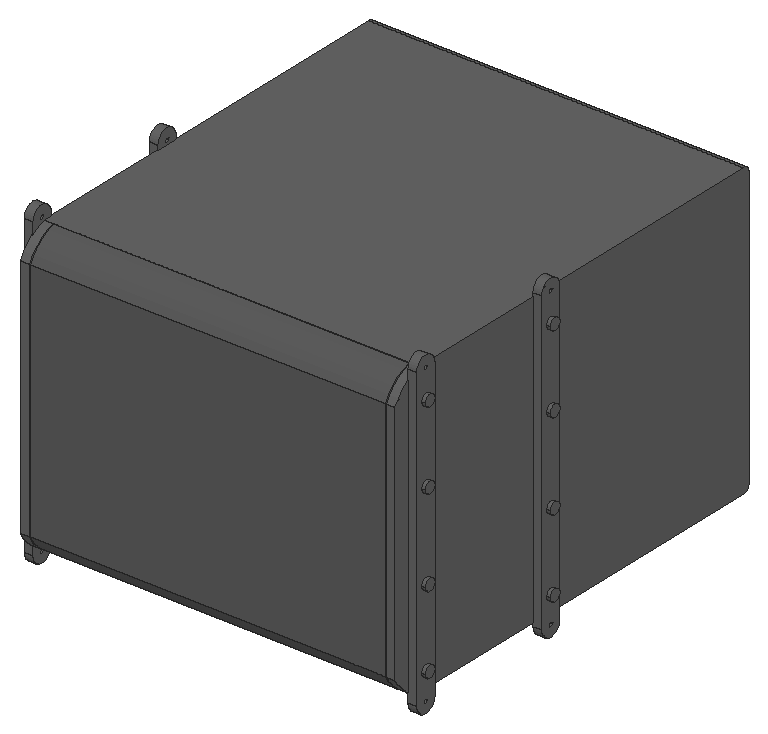
Revit family "WL118-sw", category Communication Devices, Revit 2012
Parameters
  Width = Overall Width  # 27.6"
  Weight Product (lb) = 111
  Weight Product (kg) = 50.4
  Weight Dimensional (lb) = 121
  Weight Dimensional (kg) = 55
  URL = "http://www.qscaudio.com/products/speakers/ila/"
  Sensitivity = 98
  SPL Max = 128.5
  Regulatory Compliance = "RoHS"
  Rear Rig Bar Center Offset = 12.616"
  Rear Handle Offset = 23.603"
  Product Page URL = "http://www.qscaudio.com/products/speakers/ila/"
  Product Documentation Link = "http://media.qscaudio.com/pdfs/Specifications/ILAv2_spec.pdf"
  Power Handling = 1750
  Overall Height = 22.1"
  Overall Depth = 30.375"
  Model = "WL118-sw"
  Manufacturer URL = "www.qscaudio.com"
  Manufacturer = "QSC Audio Products, LLC"
  Impedance = 8
  Height = Overall Height  # 22.1"
  Grill Width = 24.484"
  Grille Material = Black Grille
  Grill Depth = 2.05"
  Front Rig Bar Center Offset = 1.866"
  Front Handle Offset = 7.678"
  Enclosure with Rig Bar Width = 27"
  Overall Width = 27.6"
  Inner Enclosure Width = 25.8"
  Inner Enclosure Height = 20.1"
  Enclosure Material = Black Finish
  Description = "Vented 18\" Subwoofer"
  Depth = Overall Depth  # 30.375"
  Default Elevation = 48"
Reference planes (in)
  plane 1 "Center (Front/Back)": y = 0
  plane 2: z = 0
  plane 3 "Center (Left/Right)": x = 0
  plane 4 "Enclosure Right Extent": x = 12.9
  plane 5 "Enclosure Left Extent": x = -12.9
  plane 6 "Rig Bar Right Extent": x = 13.5
  plane 7 "Rig Bar Left Exent": x = -13.5
  plane 8 "Rig Peg Left Extent": x = -13.8
  plane 9 "Rig Peg Right Extent": x = 13.8
  plane 10 "Enclosure Rear Extent": y = 30.375
  plane 11 "Rear Rig Bar Center Plane": y = 12.616
  plane 12 "Front Rig Bar Center Plane": y = 1.866
  plane 13 "Grill Rear Extent": y = 2.05
  plane 14 "Enclosure Top": z = 10.05
  plane 15 "Enclosure Bottom": z = -10.05
  plane 16 "Rig Bar Top": z = 11.05
  plane 17 "Rig Bar Bottom": z = -11.05
  plane 18 "Grill Right Extent": x = 12.242
  plane 19 "Grill Left Extent": x = -12.242
Forms (in)
  Extrusion 1, solid, material "Black Finish" <- "Enclosure Material"
    sketch origin (-12.9, 0, 0) x (0, -1, 0) y (0, 0, -1)
      loop
        line (-30, -10.05) -> (-2.05, -10.05)
        arc (-2.05, -10.05) -> (-0.84443, -9.44547) -> (0, -8.3939) r 3.165
        arc (0, -8.3939) -> (-0.17655, 0.00005) -> (0, 8.394) r 199.635
        arc (0, 8.394) -> (-0.84445, 9.44551) -> (-2.05, 10.05) r 3.165
        line (-2.05, 10.05) -> (-30, 10.05)
        arc (-30, 10.05) -> (-30.26517, 9.94017) -> (-30.375, 9.675) r 0.375
        line (-30.375, 9.675) -> (-30.375, -9.675)
        arc (-30.375, -9.675) -> (-30.26517, -9.94017) -> (-30, -10.05) r 0.375
    from 0 to 25.8 <- "Inner Enclosure Width"
  Extrusion 2, solid, material "Black Finish" <- "Enclosure Material"
    sketch origin (-13.5, 0, 0) x (0, -1, 0) y (0, 0, -1)
      loop
        arc (-13.366, -10.3) -> (-12.616, -11.05) -> (-11.866, -10.3) r 0.75
        line (-11.866, -10.3) -> (-11.866, 10.3)
        arc (-11.866, 10.3) -> (-12.616, 11.05) -> (-13.366, 10.3) r 0.75
        line (-13.366, 10.3) -> (-13.366, -10.3)
      loop
        circle (-12.616, -10.3) r 0.165
      loop
        circle (-12.616, 10.3) r 0.165
    from 0 to 27 <- "Enclosure with Rig Bar Width"
  Extrusion 3, void
    sketch origin (-12.9, 0, 0) x (0, -1, 0) y (0, 0, -1)
      loop
        line (-13.366, -11.05) -> (-11.866, -11.05) -> (-11.866, 11.05) -> (-13.366, 11.05) -> (-13.366, -11.05)
    from 0 to 25.8 <- "Inner Enclosure Width"
  Extrusion 4, solid, material "Black Finish" <- "Enclosure Material"
    sketch origin (-13.5, -10, 0) x (0, -1, 0) y (0, 0, -1)
      loop
        arc (-12.616, -10.3) -> (-11.866, -11.05) -> (-11.116, -10.3) r 0.75
        line (-11.116, -10.3) -> (-11.116, 10.3)
        arc (-11.116, 10.3) -> (-11.866, 11.05) -> (-12.616, 10.3) r 0.75
        line (-12.616, 10.3) -> (-12.616, -10.3)
      loop
        circle (-11.866, -10.3) r 0.165
      loop
        circle (-11.866, 10.3) r 0.165
    from 0 to 27 <- "Enclosure with Rig Bar Width"
  Extrusion 5, void
    sketch origin (-12.9, -10, 0) x (0, -1, 0) y (0, 0, -1)
      loop
        line (-12.616, -11.05) -> (-11.116, -11.05) -> (-11.116, 11.05) -> (-12.616, 11.05) -> (-12.616, -11.05)
    from 0 to 25.8 <- "Inner Enclosure Width"
  Extrusion 6, solid, material "Black Finish" <- "Enclosure Material"
    sketch origin (-13.8, 0, 0) x (0, -1, 0) y (0, 0, -1)
      loop
        circle (-12.616, 3) r 0.384
      loop
        circle (-12.616, -3) r 0.384
      loop
        circle (-12.616, -8.362) r 0.384
      loop
        circle (-12.616, 8.362) r 0.384
    from 0 to 27.6 <- "Overall Width"
  Extrusion 7, void
    sketch origin (-13.5, 0, 0) x (0, -1, 0) y (0, 0, -1)
      loop
        line (-13, -10.05) -> (-12.232, -10.05) -> (-12.232, 10.05) -> (-13, 10.05) -> (-13, -10.05)
    from 0 to 27 <- "Enclosure with Rig Bar Width"
  Extrusion 8, solid, material "Black Finish" <- "Enclosure Material"
    sketch origin (-13.8, -13, 0) x (0, -1, 0) y (0, 0, -1)
      loop
        circle (-14.866, 3) r 0.384
      loop
        circle (-14.866, -3) r 0.384
      loop
        circle (-14.866, -8.362) r 0.384
      loop
        circle (-14.866, 8.362) r 0.384
    from 0 to 27.6 <- "Overall Width"
  Extrusion 9, void
    sketch origin (-13.5, -13, 0) x (0, -1, 0) y (0, 0, -1)
      loop
        line (-15.25, -10.05) -> (-14.482, -10.05) -> (-14.482, 10.05) -> (-15.25, 10.05) -> (-15.25, -10.05)
    from 0 to 27 <- "Enclosure with Rig Bar Width"
  Extrusion 10, void
    sketch origin (-12.242, 0, 0) x (0, 1, 0) y (0, 0, 1)
      loop
        line (2.05, 10.05) -> (0, 10.05) -> (0, -10.05) -> (2.05, -10.05) -> (2.05, 10.05)
    from 0 to 24.484 <- "Grill Width"
  Extrusion 11, solid, material "Black Grille" <- "Grille Material"
    sketch origin (-12.242, 0, 0) x (0, 1, 0) y (0, 0, 1)
      loop
        arc (2.05, 10.05) -> (0.84443, 9.44547) -> (0, 8.3939) r 3.165
        arc (0, 8.3939) -> (0.17655, -0.00005) -> (0, -8.394) r 199.635
        arc (0, -8.394) -> (0.84445, -9.44551) -> (2.05, -10.05) r 3.165
        line (2.05, -10.05) -> (2.05, 10.05)
    from 0 to 24.484 <- "Grill Width"
  Extrusion 12, void
    sketch origin (0, 30.375, 0) x (1, 0, 0) y (0, 0, 1)
      loop
        arc (-4.05, 3.25) -> (-4.26213, 3.16213) -> (-4.35, 2.95) r 0.3
        line (-4.35, 2.95) -> (-4.35, -2.95)
        arc (-4.35, -2.95) -> (-4.26213, -3.16213) -> (-4.05, -3.25) r 0.3
        line (-4.05, -3.25) -> (4.05, -3.25)
        arc (4.05, -3.25) -> (4.26213, -3.16213) -> (4.35, -2.95) r 0.3
        line (4.35, -2.95) -> (4.35, 2.95)
        arc (4.35, 2.95) -> (4.26213, 3.16213) -> (4.05, 3.25) r 0.3
        line (4.05, 3.25) -> (-4.05, 3.25)
    from 0 to 0.1
Cuts and joins
  Extrusion 3, Extrusion 5, Extrusion 9 cuts Extrusion 2
  Extrusion 5 cuts Extrusion 4
  Extrusion 7, Extrusion 9 cuts Extrusion 6
  Extrusion 9 cuts Extrusion 8
  Extrusion 10, Extrusion 12 cuts Extrusion 1
Lines and regions (in)
  model lines
    curve 1: line (-12.9, 5.7724, -5.35147) -> (-12.9, 5.20301, -5.35147)
    curve 2: line (-12.9, 5.7724, -5.35147) -> (-12.9, 5.20301, -5.35147)
    curve 3: line (-12.9, 7.32863, -5.41854) -> (-12.9, 6.9289, -5.21137)
    curve 4: line (-12.9, 7.32863, -5.41854) -> (-12.9, 6.9289, -5.21137)
    curve 5: line (-12.9, 9.26479, -5.63973) -> (-12.9, 9.59274, -4.91786)
    curve 6: line (-12.9, 9.59274, -4.91786) -> (-12.9, 9.26479, -5.63973)
    curve 7: line (-12.9, 9.26479, -6.19977) -> (-12.9, 9.66451, -4.63731)
    curve 8: line (-12.9, 9.66451, -4.63731) -> (-12.9, 9.26479, -6.19977)
    curve 9: arc (-12.9, 10.15, 0.3985) -> (-12.9, 10.07678, 0.57528) -> (-12.9, 9.9, 0.6485) r 0.25
    curve 10: arc (-12.9, 9.9, -0.6485) -> (-12.9, 10.07678, -0.57528) -> (-12.9, 10.15, -0.3985) r 0.25
    curve 11: arc (-12.9, 5.456, -0.6485) -> (-12.9, 5.27922, -0.57528) -> (-12.9, 5.206, -0.3985) r 0.25
    curve 12: arc (-12.9, 5.206, 0.3985) -> (-12.9, 5.27922, 0.57528) -> (-12.9, 5.456, 0.6485) r 0.25
    curve 13: arc (-12.9, 9.9, 0.6485) -> (-12.9, 7.678, 0.74797) -> (-12.9, 5.456, 0.6485) r 24.867
    curve 14: arc (-12.9, 9.9, -0.6485) -> (-12.9, 7.678, -0.74797) -> (-12.9, 5.456, -0.6485) r 24.867
    curve 15: arc (-12.9, 5.206, 0.3985) -> (-12.9, 5.18213, 0) -> (-12.9, 5.206, -0.3985) r 3.338
    curve 16: arc (-12.9, 10.15, 0.3985) -> (-12.9, 10.17387, 0) -> (-12.9, 10.15, -0.3985) r 3.338
    curve 29: arc (-12.9, 26.075, 0.3985) -> (-12.9, 26.00178, 0.57528) -> (-12.9, 25.825, 0.6485) r 0.25
    curve 30: arc (-12.9, 25.825, -0.6485) -> (-12.9, 26.00178, -0.57528) -> (-12.9, 26.075, -0.3985) r 0.25
    curve 31: arc (-12.9, 21.381, -0.6485) -> (-12.9, 21.20422, -0.57528) -> (-12.9, 21.131, -0.3985) r 0.25
    curve 32: arc (-12.9, 21.131, 0.3985) -> (-12.9, 21.20422, 0.57528) -> (-12.9, 21.381, 0.6485) r 0.25
    curve 33: arc (-12.9, 25.825, 0.6485) -> (-12.9, 23.603, 0.74797) -> (-12.9, 21.381, 0.6485) r 24.867
    curve 34: arc (-12.9, 25.825, -0.6485) -> (-12.9, 23.603, -0.74797) -> (-12.9, 21.381, -0.6485) r 24.867
    curve 35: arc (-12.9, 21.131, 0.3985) -> (-12.9, 21.10713, 0) -> (-12.9, 21.131, -0.3985) r 3.338
    curve 36: arc (-12.9, 26.075, 0.3985) -> (-12.9, 26.09887, 0) -> (-12.9, 26.075, -0.3985) r 3.338
    curve 39: arc (12.9, 10.15, 0.3985) -> (12.9, 10.07678, 0.57528) -> (12.9, 9.9, 0.6485) r 0.25
    curve 40: arc (12.9, 9.9, -0.6485) -> (12.9, 10.07678, -0.57528) -> (12.9, 10.15, -0.3985) r 0.25
    curve 41: arc (12.9, 5.456, -0.6485) -> (12.9, 5.27922, -0.57528) -> (12.9, 5.206, -0.3985) r 0.25
    curve 42: arc (12.9, 5.206, 0.3985) -> (12.9, 5.27922, 0.57528) -> (12.9, 5.456, 0.6485) r 0.25
    curve 43: arc (12.9, 9.9, 0.6485) -> (12.9, 7.678, 0.74797) -> (12.9, 5.456, 0.6485) r 24.867
    curve 44: arc (12.9, 9.9, -0.6485) -> (12.9, 7.678, -0.74797) -> (12.9, 5.456, -0.6485) r 24.867
    curve 45: arc (12.9, 5.206, 0.3985) -> (12.9, 5.18213, 0) -> (12.9, 5.206, -0.3985) r 3.338
    curve 46: arc (12.9, 10.15, 0.3985) -> (12.9, 10.17387, 0) -> (12.9, 10.15, -0.3985) r 3.338
    curve 49: arc (12.9, 26.075, 0.3985) -> (12.9, 26.00178, 0.57528) -> (12.9, 25.825, 0.6485) r 0.25
    curve 50: arc (12.9, 25.825, -0.6485) -> (12.9, 26.00178, -0.57528) -> (12.9, 26.075, -0.3985) r 0.25
    curve 51: arc (12.9, 21.381, -0.6485) -> (12.9, 21.20422, -0.57528) -> (12.9, 21.131, -0.3985) r 0.25
    curve 52: arc (12.9, 21.131, 0.3985) -> (12.9, 21.20422, 0.57528) -> (12.9, 21.381, 0.6485) r 0.25
    curve 53: arc (12.9, 25.825, 0.6485) -> (12.9, 23.603, 0.74797) -> (12.9, 21.381, 0.6485) r 24.867
    curve 54: arc (12.9, 25.825, -0.6485) -> (12.9, 23.603, -0.74797) -> (12.9, 21.381, -0.6485) r 24.867
    curve 55: arc (12.9, 21.131, 0.3985) -> (12.9, 21.10713, 0) -> (12.9, 21.131, -0.3985) r 3.338
    curve 56: arc (12.9, 26.075, 0.3985) -> (12.9, 26.09887, 0) -> (12.9, 26.075, -0.3985) r 3.338
    curve 61: line (12.9, 8.5846, -5.35147) -> (12.9, 9.15399, -5.35147)
    curve 62: line (12.9, 8.5846, -5.35147) -> (12.9, 9.15399, -5.35147)
    curve 63: line (12.9, 7.02837, -5.41854) -> (12.9, 7.4281, -5.21137)
    curve 64: line (12.9, 7.02837, -5.41854) -> (12.9, 7.4281, -5.21137)
    curve 65: line (12.9, 5.09221, -5.63973) -> (12.9, 4.76426, -4.91786)
    curve 66: line (12.9, 4.76426, -4.91786) -> (12.9, 5.09221, -5.63973)
    curve 67: line (12.9, 5.09221, -6.19977) -> (12.9, 4.69249, -4.63731)
    curve 68: line (12.9, 4.69249, -4.63731) -> (12.9, 5.09221, -6.19977)
  model lines, not visible
    curve 17: arc (-12.9, 73.92043, -48.09522) -> (-12.9, 73.84721, -47.91845) -> (-12.9, 73.67043, -47.84522) r 0.25
    curve 18: arc (-12.9, 73.67043, -49.14222) -> (-12.9, 73.84721, -49.069) -> (-12.9, 73.92043, -48.89222) r 0.25
    curve 19: arc (-12.9, 69.22643, -49.14222) -> (-12.9, 69.04965, -49.069) -> (-12.9, 68.97643, -48.89222) r 0.25
    curve 20: arc (-12.9, 68.97643, -48.09522) -> (-12.9, 69.04965, -47.91845) -> (-12.9, 69.22643, -47.84522) r 0.25
    curve 21: arc (-12.9, 73.67043, -47.84522) -> (-12.9, 71.44843, -47.74575) -> (-12.9, 69.22643, -47.84522) r 24.867
    curve 22: arc (-12.9, 73.67043, -49.14222) -> (-12.9, 71.44843, -49.2417) -> (-12.9, 69.22643, -49.14222) r 24.867
    curve 23: arc (-12.9, 68.97643, -48.09522) -> (-12.9, 68.95256, -48.49372) -> (-12.9, 68.97643, -48.89222) r 3.338
    curve 24: arc (-12.9, 73.92043, -48.09522) -> (-12.9, 73.9443, -48.49372) -> (-12.9, 73.92043, -48.89222) r 3.338
    curve 71: line (-12.9, 5.7724, -5.35147) -> (-12.9, 5.20301, -5.35147)
    curve 72: line (-12.9, 5.7724, -5.35147) -> (-12.9, 5.20301, -5.35147)
    curve 73: line (-12.9, 7.32863, -5.41854) -> (-12.9, 6.9289, -5.21137)
    curve 74: line (-12.9, 7.32863, -5.41854) -> (-12.9, 6.9289, -5.21137)
    curve 75: line (-12.9, 9.26479, -5.63973) -> (-12.9, 9.59274, -4.91786)
    curve 76: line (-12.9, 9.59274, -4.91786) -> (-12.9, 9.26479, -5.63973)
    curve 77: line (-12.9, 9.26479, -6.19977) -> (-12.9, 9.66451, -4.63731)
    curve 78: line (-12.9, 9.66451, -4.63731) -> (-12.9, 9.26479, -6.19977)
  reference lines
    curve 25: line (-12.9, 7.678, 0.74797) -> (-12.9, 7.678, -0.74797)
    curve 27: line (-12.9, 10.17387, 0) -> (-12.9, 5.18213, 0)
    curve 37: line (-12.9, 23.603, 0.74797) -> (-12.9, 23.603, -0.74797)
    curve 38: line (-12.9, 26.09887, 0) -> (-12.9, 21.10713, 0)
    curve 47: line (12.9, 7.678, 0.74797) -> (12.9, 7.678, -0.74797)
    curve 48: line (12.9, 10.17387, 0) -> (12.9, 5.18213, 0)
    curve 57: line (12.9, 23.603, 0.74797) -> (12.9, 23.603, -0.74797)
    curve 58: line (12.9, 26.09887, 0) -> (12.9, 21.10713, 0)
    curve 59: line (-12.242, 3.7724, -5.35147) -> (-12.242, 10.7724, -5.35147)
    curve 60: line (-12.242, 7.13257, -3.90372) -> (-12.242, 7.13257, -6.90372)
    curve 69: line (12.242, 10.5846, -5.35147) -> (12.242, 3.5846, -5.35147)
    curve 70: line (12.242, 7.22443, -3.90372) -> (12.242, 7.22443, -6.90372)
  reference lines, not visible
    curve 26: line (-12.9, 71.44843, -47.74575) -> (-12.9, 71.44843, -49.2417)
    curve 28: line (-12.9, 73.9443, -48.49372) -> (-12.9, 68.95256, -48.49372)
    curve 79: line (-12.242, 3.7724, -5.35147) -> (-12.242, 10.7724, -5.35147)
    curve 80: line (-12.242, 7.13257, -3.90372) -> (-12.242, 7.13257, -6.90372)
Dimensions and locks (in)
  equal spacing: plane 5 "Enclosure Left Extent", plane 3 "Center (Left/Right)", plane 4 "Enclosure Right Extent"
  "Inner Enclosure Width": plane 5 "Enclosure Left Extent" to plane 4 "Enclosure Right Extent"
  equal spacing: plane 7 "Rig Bar Left Exent", plane 3 "Center (Left/Right)", plane 6 "Rig Bar Right Extent"
  "Enclosure with Rig Bar Width": plane 7 "Rig Bar Left Exent" to plane 6 "Rig Bar Right Extent"
  equal spacing: plane 8 "Rig Peg Left Extent", plane 3 "Center (Left/Right)", plane 9 "Rig Peg Right Extent"
  "Overall Width": plane 8 "Rig Peg Left Extent" to plane 9 "Rig Peg Right Extent"
  "Overall Depth": plane 10 "Enclosure Rear Extent" to plane 1 "Center (Front/Back)"
  "Grill Depth": plane 1 "Center (Front/Back)" to plane 13 "Grill Rear Extent"
  "Front Rig Bar Center Offset": plane 12 "Front Rig Bar Center Plane" to plane 1 "Center (Front/Back)"
  "Rear Rig Bar Center Offset": plane 1 "Center (Front/Back)" to plane 11 "Rear Rig Bar Center Plane"
  equal spacing: plane 15 "Enclosure Bottom", level, plane 14 "Enclosure Top"
  "Inner Enclosure Height": plane 15 "Enclosure Bottom" to plane 14 "Enclosure Top"
  equal spacing: plane 16 "Rig Bar Top", level, plane 17 "Rig Bar Bottom"
  "Overall Height": plane 16 "Rig Bar Top" to plane 17 "Rig Bar Bottom"
  locked: Extrusion 1 sketch curve to plane 14 "Enclosure Top" at 1.6561
  locked: plane 15 "Enclosure Bottom" to Extrusion 1 sketch curve at 1.656
  locked: Extrusion 8 sketch curve to level at 8.362
  locked: level to Extrusion 8 sketch curve at 8.362
  equal spacing: plane 19 "Grill Left Extent", plane 3 "Center (Left/Right)", plane 18 "Grill Right Extent"
  "Grill Width": plane 19 "Grill Left Extent" to plane 18 "Grill Right Extent"
  "Front Handle Offset": curve 25 to plane 1 "Center (Front/Back)"
  "Rear Handle Offset": curve 37 to plane 1 "Center (Front/Back)"
  "Front Handle Offset": plane 1 "Center (Front/Back)" to curve 47
  "Rear Handle Offset": plane 1 "Center (Front/Back)" to curve 57
  radius of Extrusion 1 sketch curve = 0.375"  (x2)
  radius of Extrusion 1 sketch curve = 3.165"  (x2)
  radius of Extrusion 1 sketch curve = 199.635"
  radius of Extrusion 2 sketch curve = 0.75"  (x2)
  radius of Extrusion 4 sketch curve = 0.75"  (x2)
  aligned and locked: plane 2 to level
  aligned and locked: Extrusion 1 sketch curve to plane 14 "Enclosure Top"
  aligned and locked: Extrusion 1 sketch curve to plane 10 "Enclosure Rear Extent"
  aligned and locked: plane 15 "Enclosure Bottom" to Extrusion 1
  aligned and locked: Extrusion 3 sketch curve to cut or joined group of Extrusion 2, Extrusion 3, Extrusion 5, Extrusion 9  (x2)
  aligned and locked: Extrusion 3 sketch curve to plane 16 "Rig Bar Top"
  aligned and locked: Extrusion 3 sketch curve to plane 17 "Rig Bar Bottom"
  aligned and locked: Extrusion 7 sketch curve to Extrusion 6  (x2)
  aligned and locked: plane 14 "Enclosure Top" to Extrusion 7 sketch curve
  aligned and locked: Extrusion 7 sketch curve to plane 15 "Enclosure Bottom"
  aligned and locked: Extrusion 9 sketch curve to Extrusion 8  (x2)
  aligned and locked: plane 14 "Enclosure Top" to Extrusion 10 sketch curve
  aligned and locked: plane 13 "Grill Rear Extent" to Extrusion 10 sketch curve
  aligned and locked: Extrusion 10 sketch curve to plane 15 "Enclosure Bottom"
  aligned and locked: plane 1 "Center (Front/Back)" to Extrusion 10 sketch curve
  aligned and locked: Extrusion 11 sketch curve to cut or joined group of Extrusion 1, Extrusion 10, Extrusion 12  (x4)
  aligned and locked: plane 5 "Enclosure Left Extent" to curve 4
  aligned and locked: curve 27 to level
  aligned and locked: curve 38 to level
  aligned and locked: plane 4 "Enclosure Right Extent" to curve 42
  aligned and locked: level to curve 48
  aligned and locked: plane 4 "Enclosure Right Extent" to curve 58
  aligned and locked: level to curve 58
Automatic sketch dimensions
  Extrusion 2 sketch curve to Extrusion 2 sketch curve = 0"  (x4)
  Extrusion 2 sketch curve to plane 11 "Rear Rig Bar Center Plane" = 0"
  plane 17 "Rig Bar Bottom" to Extrusion 2 sketch curve = 0.75"
  plane 16 "Rig Bar Top" to Extrusion 2 sketch curve = 0.75"
  Extrusion 4 sketch curve to Extrusion 4 sketch curve = 0"  (x4)
  Extrusion 4 sketch curve to plane 12 "Front Rig Bar Center Plane" = 0"
  plane 17 "Rig Bar Bottom" to Extrusion 4 sketch curve = 0.75"
  plane 16 "Rig Bar Top" to Extrusion 4 sketch curve = 0.75"
  plane 17 "Rig Bar Bottom" to Extrusion 5 sketch curve = 0"
  Extrusion 5 sketch curve to plane 16 "Rig Bar Top" = 0"
  Extrusion 5 sketch curve to plane 12 "Front Rig Bar Center Plane" = 0.75"
  plane 12 "Front Rig Bar Center Plane" to Extrusion 5 sketch curve = 0.75"
  Extrusion 8 sketch curve to plane 12 "Front Rig Bar Center Plane" = 0"  (x4)
  level to Extrusion 8 sketch curve = 3"
  Extrusion 8 sketch curve to level = 3"
  curve 27 to curve 25 = 2.49587"
  curve 25 to curve 27 = 2.49587"
  curve 27 to curve 25 = 0.74797"
  curve 25 to curve 25 = 1.49595"
  curve 28 to curve 26 = 2.49587"
  curve 26 to curve 28 = 2.49587"
  curve 28 to curve 26 = 0.74797"
  curve 26 to curve 26 = 1.49595"
  curve 10 to curve 16 = 0"
  curve 10 to curve 10 = 0.25"
  curve 9 to curve 9 = 0.25"
  curve 9 to curve 15 = 1.37987"
  curve 10 to curve 13 = 2.222"
  curve 15 to curve 16 = 1.68426"
  curve 16 to curve 12 = 1.37987"
  curve 11 to curve 12 = 0"
  curve 12 to curve 15 = 0.25"
  curve 11 to curve 11 = 0.25"
  curve 11 to curve 13 = 23.47053"
  curve 15 to curve 10 = 0.3985"
  curve 12 to curve 16 = 0.3985"
  curve 14 to curve 12 = 23.47053"
  curve 18 to curve 24 = 0"
  curve 18 to curve 18 = 0.25"
  curve 17 to curve 17 = 0.25"
  curve 17 to curve 23 = 1.37987"
  curve 18 to curve 21 = 2.222"
  curve 23 to curve 24 = 1.68426"
  curve 24 to curve 20 = 1.37987"
  curve 19 to curve 20 = 0"
  curve 20 to curve 23 = 0.25"
  curve 19 to curve 19 = 0.25"
  curve 19 to curve 21 = 23.47053"
  curve 23 to curve 18 = 0.3985"
  curve 20 to curve 24 = 0.3985"
  curve 22 to curve 20 = 23.47053"
  curve 38 to curve 37 = 2.49587"
  curve 37 to curve 38 = 2.49587"
  curve 38 to curve 37 = 0.74797"
  curve 37 to curve 37 = 1.49595"
  curve 30 to curve 36 = 0"
  curve 30 to curve 30 = 0.25"
  curve 29 to curve 29 = 0.25"
  curve 29 to curve 35 = 1.37987"
  curve 30 to curve 33 = 2.222"
  curve 35 to curve 36 = 1.68426"
  curve 36 to curve 32 = 1.37987"
  curve 31 to curve 32 = 0"
  curve 32 to curve 35 = 0.25"
  curve 31 to curve 31 = 0.25"
  curve 31 to curve 33 = 23.47053"
  curve 35 to curve 30 = 0.3985"
  curve 32 to curve 36 = 0.3985"
  curve 34 to curve 32 = 23.47053"
  curve 48 to curve 47 = 2.49587"
  curve 47 to curve 48 = 2.49587"
  curve 48 to curve 47 = 0.74797"
  curve 47 to curve 47 = 1.49595"
  curve 40 to curve 46 = 0"
  curve 40 to curve 40 = 0.25"
  curve 39 to curve 39 = 0.25"
  curve 39 to curve 45 = 1.37987"
  curve 40 to curve 43 = 2.222"
  curve 45 to curve 46 = 1.68426"
  curve 46 to curve 42 = 1.37987"
  curve 41 to curve 42 = 0"
  curve 42 to curve 45 = 0.25"
  curve 41 to curve 41 = 0.25"
  curve 41 to curve 43 = 23.47053"
  curve 45 to curve 40 = 0.3985"
  curve 42 to curve 46 = 0.3985"
  curve 44 to curve 42 = 23.47053"
  curve 58 to curve 57 = 2.49587"
  curve 57 to curve 58 = 2.49587"
  curve 58 to curve 57 = 0.74797"
  curve 57 to curve 57 = 1.49595"
  curve 50 to curve 56 = 0"
  curve 50 to curve 50 = 0.25"
  curve 49 to curve 49 = 0.25"
  curve 49 to curve 55 = 1.37987"
  curve 50 to curve 53 = 2.222"
  curve 55 to curve 56 = 1.68426"
  curve 56 to curve 52 = 1.37987"
  curve 51 to curve 52 = 0"
  curve 52 to curve 55 = 0.25"
  curve 51 to curve 51 = 0.25"
  curve 51 to curve 53 = 23.47053"
  curve 55 to curve 50 = 0.3985"
  curve 52 to curve 56 = 0.3985"
  curve 54 to curve 52 = 23.47053"
  curve 59 to curve 60 = 3.36016"
  curve 60 to curve 59 = 3.63984"
  curve 60 to curve 59 = 1.55225"
  curve 60 to curve 60 = 3"
  curve 69 to curve 70 = 3.36016"
  curve 70 to curve 69 = 3.63984"
  curve 70 to curve 69 = 1.55225"
  curve 70 to curve 70 = 3"
  Extrusion 1 sketch curve to plane 13 "Grill Rear Extent" = 0"  (x2)
  Extrusion 1 sketch curve to plane 1 "Center (Front/Back)" = 0"  (x2)
  plane 15 "Enclosure Bottom" to Extrusion 1 sketch curve = 0"
  plane 14 "Enclosure Top" to Extrusion 1 sketch curve = 0"
  Extrusion 6 sketch curve to plane 11 "Rear Rig Bar Center Plane" = 0"  (x4)
  plane 15 "Enclosure Bottom" to Extrusion 6 sketch curve = 1.688"
  level to Extrusion 6 sketch curve = 3"
  Extrusion 6 sketch curve to level = 3"
  Extrusion 6 sketch curve to plane 14 "Enclosure Top" = 1.688"
  plane 15 "Enclosure Bottom" to Extrusion 9 sketch curve = 0"
  plane 14 "Enclosure Top" to Extrusion 9 sketch curve = 0"
  curve 79 to curve 80 = 3.36016"
  curve 80 to curve 79 = 3.63984"
  curve 80 to curve 79 = 1.55225"
  curve 80 to curve 80 = 3"
  Extrusion 12 sketch curve to Extrusion 12 sketch curve = 0.3"  (x4)
  plane 3 "Center (Left/Right)" to Extrusion 12 sketch curve = 4.35"
  Extrusion 12 sketch curve to plane 3 "Center (Left/Right)" = 4.05"
  Extrusion 12 sketch curve to level = 3.25"
  level to Extrusion 12 sketch curve = 2.95"
  radius of Extrusion 2 sketch curve = 0.165"  (x2)
  radius of Extrusion 4 sketch curve = 0.165"  (x2)
  radius of Extrusion 8 sketch curve = 0.384"  (x4)
  radius of Extrusion 6 sketch curve = 0.384"  (x4)
Connectors (in)
  electrical at (0, 30.275, 0)
    settings: on cut or joined group of Extrusion 1, Extrusion 10, Extrusion 12, index 1, voltage 0 V, apparent load 0 VA, apparent load phase1 0 VA, apparent load phase2 0 VA, apparent load phase3 0 VA, power factor 1, load classification "Other", number of poles 1, system type 14, power factor state 1, is connector primary yes, connector utility no, sub classification motor no, connector description "Speaker Input/Output (Parallel)"
  electrical at (0, 30.275, 0)
    settings: on cut or joined group of Extrusion 1, Extrusion 10, Extrusion 12, index 2, voltage 0 V, apparent load 0 VA, apparent load phase1 0 VA, apparent load phase2 0 VA, apparent load phase3 0 VA, power factor 1, load classification "Other", number of poles 1, system type 14, power factor state 1, is connector primary no, connector utility no, sub classification motor no, connector description "Speaker Input/Output (Parallel)"
